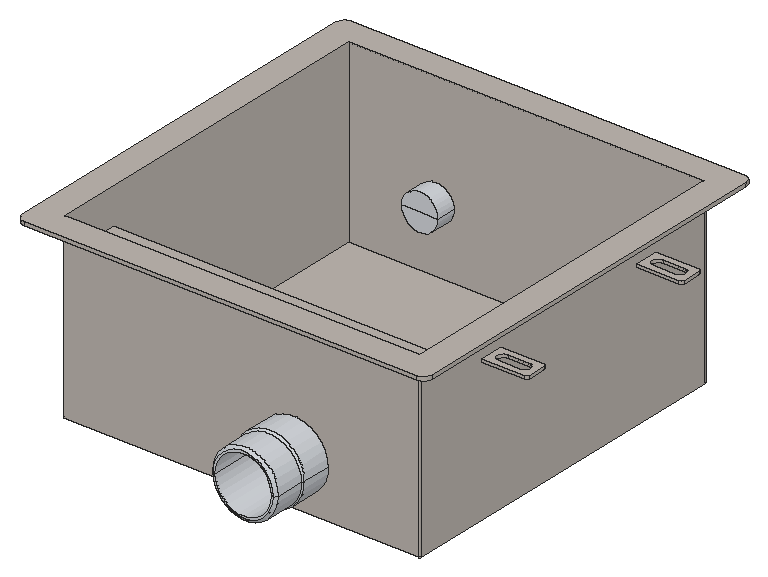
Revit family "MI-DIAL-2-LD", category Pipe Accessories, host Face, Revit 2018
Family settings
  Host = Face
  Round Connector Dimension = Use Diameter
  Part Type = Normal
  Cut with Voids When Loaded = No
  Shared = No
Parameters
  URL = "www.mifab.com"
  Model = "MI-DIAL-2-LD"
  Manufacturer = "MIFAB"
  Description = "STAINLESS STEEL SUPPLY & WASTE DIALYSIS BOX WITH TWO VALVES (NO DOOR)"
  Default Elevation = 4' - 0"
Reference planes (in)
  plane 1 "Center (Front/Back)": y = 0
  plane 2: z = 0
  plane 3 "Center (Left/Right)": x = 0
  plane 4: x = -6.875
  plane 5: x = 6.875
  plane 6: y = 6.875
  plane 7: y = -6.875
  plane 8: x = -6
  plane 9: x = 6
  plane 10: y = 6
  plane 11: y = -6
  plane 12: z = 0.03906
  plane 13: x = 0.76141
  plane 14: x = 2.35719
  plane 15: y = 0.09416
  plane 16: y = -0.09416
  plane 17: y = -4.37545
  plane 18: y = 4.3125
  plane 19: x = 1.5601
  plane 20: y = 6.625
  plane 21: y = -3.96094
Forms (in)
  Extrusion 1, solid, material "Box Material"
    sketch origin (0, 0, -4.791) x (1, 0, 0) y (0, 1, 0)
      loop
        arc (-6.875, -6.57732) -> (-6.78781, -6.78781) -> (-6.57732, -6.875) r 0.29768
        line (-6.57732, -6.875) -> (6.57813, -6.875)
        arc (6.57813, -6.875) -> (6.78805, -6.78805) -> (6.875, -6.57813) r 0.29688
        line (6.875, -6.57813) -> (6.875, 6.56627)
        arc (6.875, 6.56627) -> (6.78458, 6.78458) -> (6.56627, 6.875) r 0.30873
        line (6.56627, 6.875) -> (-6.56627, 6.875)
        arc (-6.56627, 6.875) -> (-6.78458, 6.78458) -> (-6.875, 6.56627) r 0.30873
        line (-6.875, 6.56627) -> (-6.875, -6.57732)
      loop
        arc (-5.94945, 6) -> (-5.98519, 5.98519) -> (-6, 5.94945) r 0.05055
        line (-6, 5.94945) -> (-6, -5.94922)
        arc (-6, -5.94922) -> (-5.98513, -5.98513) -> (-5.94922, -6) r 0.05078
        line (-5.94922, -6) -> (5.94922, -6)
        arc (5.94922, -6) -> (5.98513, -5.98513) -> (6, -5.94922) r 0.05078
        line (6, -5.94922) -> (6, 5.94922)
        arc (6, 5.94922) -> (5.98513, 5.98513) -> (5.94922, 6) r 0.05078
        line (5.94922, 6) -> (-5.94945, 6)
    from 5.95175 to 6.0625
  Extrusion 2, solid, material "Box Material"
    sketch origin (0, 0, -4.791) x (1, 0, 0) y (0, 1, 0)
      loop
        arc (6, 5.94922) -> (5.98513, 5.98513) -> (5.94922, 6) r 0.05078
        line (5.94922, 6) -> (-5.94945, 6)
        arc (-5.94945, 6) -> (-5.98519, 5.98519) -> (-6, 5.94945) r 0.05055
        line (-6, 5.94945) -> (-6, -5.94922)
        arc (-6, -5.94922) -> (-5.98513, -5.98513) -> (-5.94922, -6) r 0.05078
        line (-5.94922, -6) -> (5.94922, -6)
        arc (5.94922, -6) -> (5.98513, -5.98513) -> (6, -5.94922) r 0.05078
        line (6, -5.94922) -> (6, 5.94922)
      loop
        line (-5.96094, 5.96156) -> (-5.96094, -5.96094) -> (5.96094, -5.96094) -> (5.96094, 5.96156) -> (-5.96094, 5.96156)
    from 0.03906 to 6.0625
  Extrusion 3, solid, material "Box Material"
    sketch origin (0, 0, -4.791) x (1, 0, 0) y (0, 1, 0)
      loop
        line (-6, 5.94945) -> (-6, -5.94922)
        arc (-6, -5.94922) -> (-5.98513, -5.98513) -> (-5.94922, -6) r 0.05078
        line (-5.94922, -6) -> (5.94922, -6)
        arc (5.94922, -6) -> (5.98513, -5.98513) -> (6, -5.94922) r 0.05078
        line (6, -5.94922) -> (6, 5.94922)
        arc (6, 5.94922) -> (5.98513, 5.98513) -> (5.94922, 6) r 0.05078
        line (5.94922, 6) -> (-5.94945, 6)
        arc (-5.94945, 6) -> (-5.98519, 5.98519) -> (-6, 5.94945) r 0.05055
    from 0 to 0.03906
  Extrusion 4, solid, material "Box Material"
    sketch origin (0, 0, -4.791) x (1, 0, 0) y (0, 1, 0)
      loop
        line (6, 3.84196) -> (6, 3.03435) -> (7.46993, 3.03435)
        arc (7.46993, 3.03435) -> (7.53919, 3.06304) -> (7.56788, 3.1323) r 0.09795
        line (7.56788, 3.1323) -> (7.56788, 3.7443)
        arc (7.56788, 3.7443) -> (7.53928, 3.81335) -> (7.47022, 3.84196) r 0.09766
        line (7.47022, 3.84196) -> (6, 3.84196)
      loop
        arc (7.17644, 3.24703) -> (7.36771, 3.4383) -> (7.17644, 3.62957) r 0.19127
        line (7.17644, 3.62957) -> (6.43294, 3.62957)
        arc (6.43294, 3.62957) -> (6.24167, 3.4383) -> (6.43294, 3.24703) r 0.19127
        line (6.43294, 3.24703) -> (7.17644, 3.24703)
      loop
        line (-6, 3.84196) -> (-7.47022, 3.84196)
        arc (-7.47022, 3.84196) -> (-7.53928, 3.81335) -> (-7.56788, 3.7443) r 0.09766
        line (-7.56788, 3.7443) -> (-7.56788, 3.1323)
        arc (-7.56788, 3.1323) -> (-7.53919, 3.06304) -> (-7.46993, 3.03435) r 0.09795
        line (-7.46993, 3.03435) -> (-6, 3.03435) -> (-6, 3.84196)
      loop
        line (-7.17644, 3.24703) -> (-6.43294, 3.24703)
        arc (-6.43294, 3.24703) -> (-6.24167, 3.4383) -> (-6.43294, 3.62957) r 0.19127
        line (-6.43294, 3.62957) -> (-7.17644, 3.62957)
        arc (-7.17644, 3.62957) -> (-7.36771, 3.4383) -> (-7.17644, 3.24703) r 0.19127
      loop
        line (6, -2.65804) -> (6, -3.46565) -> (7.46993, -3.46565)
        arc (7.46993, -3.46565) -> (7.53919, -3.43696) -> (7.56788, -3.3677) r 0.09795
        line (7.56788, -3.3677) -> (7.56788, -2.7557)
        arc (7.56788, -2.7557) -> (7.53928, -2.68665) -> (7.47022, -2.65804) r 0.09766
        line (7.47022, -2.65804) -> (6, -2.65804)
      loop
        arc (7.17644, -3.25297) -> (7.36771, -3.0617) -> (7.17644, -2.87043) r 0.19127
        line (7.17644, -2.87043) -> (6.43294, -2.87043)
        arc (6.43294, -2.87043) -> (6.24167, -3.0617) -> (6.43294, -3.25297) r 0.19127
        line (6.43294, -3.25297) -> (7.17644, -3.25297)
      loop
        line (-6, -2.65804) -> (-7.47022, -2.65804)
        arc (-7.47022, -2.65804) -> (-7.53928, -2.68665) -> (-7.56788, -2.7557) r 0.09766
        line (-7.56788, -2.7557) -> (-7.56788, -3.3677)
        arc (-7.56788, -3.3677) -> (-7.53919, -3.43696) -> (-7.46993, -3.46565) r 0.09795
        line (-7.46993, -3.46565) -> (-6, -3.46565) -> (-6, -2.65804)
      loop
        line (-7.17644, -3.25297) -> (-6.43294, -3.25297)
        arc (-6.43294, -3.25297) -> (-6.24167, -3.0617) -> (-6.43294, -2.87043) r 0.19127
        line (-6.43294, -2.87043) -> (-7.17644, -2.87043)
        arc (-7.17644, -2.87043) -> (-7.36771, -3.0617) -> (-7.17644, -3.25297) r 0.19127
    from 4.791 to 4.875
  Revolve 5, solid
    sketch origin (-17.5625, 0, -2.541) x (1, 0, 0) y (0, 1, 0)
      loop
        line (15.125, 6.625) -> (14.5138, 6.625) -> (14.5138, 5.30674) -> (15.125, 5.30674) -> (15.125, 6.625)
      axis (14.5138, 5.30674) -> (14.5138, 6.625)
    angle from 0 to 360
  Extrusion 6, solid, material "Box Material"
    sketch origin (0, 0, -4.791) x (1, 0, 0) y (0, 1, 0)
      loop
        line (5.96094, -3.96094) -> (-5.96094, -3.96094) -> (-5.96094, -5.96094) -> (5.96094, -5.96094) -> (5.96094, -3.96094)
    from 4.791 to 4.875
  Extrusion 7, void
    sketch origin (5.94922, 6, -4.791) x (1, 0, 0) y (0, 0, 1)
      loop
        circle (-8.99792, 2.25) r 0.6112
      loop
        circle (-2.98229, 2.25) r 0.6112
    from 0 to 0.03844
  Revolve 8, solid
    sketch origin (-11.54688, 0, -2.541) x (1, 0, 0) y (0, 1, 0)
      loop
        line (15.125, 6.625) -> (14.5138, 6.625) -> (14.5138, 5.30674) -> (15.125, 5.30674) -> (15.125, 6.625)
      axis (14.5138, 5.30674) -> (14.5138, 6.625)
    angle from 0 to 360
  Extrusion 9, void
    sketch origin (0, 0, 0) x (1, 0, 0) y (0, 1, 0)
      loop
        arc (-5.94945, 6) -> (-5.98519, 5.98519) -> (-6, 5.94945) r 0.05055
        line (-6, 5.94945) -> (-6, -5.94922)
        arc (-6, -5.94922) -> (-5.98513, -5.98513) -> (-5.94922, -6) r 0.05078
        line (-5.94922, -6) -> (5.94922, -6)
        arc (5.94922, -6) -> (5.98513, -5.98513) -> (6, -5.94922) r 0.05078
        line (6, -5.94922) -> (6, 5.94922)
        arc (6, 5.94922) -> (5.98513, 5.98513) -> (5.94922, 6) r 0.05078
        line (5.94922, 6) -> (-5.94945, 6)
    from -4.791 to 0
Cuts and joins
  Extrusion 7 cuts Extrusion 2
  joined: Extrusion 1, Extrusion 2, Extrusion 3
  Extrusion 7 cuts Revolve 5
  Extrusion 7 cuts Revolve 8
  Extrusion 9 cuts Extrusion 4
Dimensions and locks (in)
  equal spacing: plane 4, plane 3 "Center (Left/Right)", plane 5
  plane 4 to plane 5 = 1' - 1 3/4"
  equal spacing: plane 7, plane 1 "Center (Front/Back)", plane 6
  locked: plane 7 to plane 6 at 13.75
  equal spacing: plane 8, plane 3 "Center (Left/Right)", plane 9
  plane 8 to plane 9 = 1' - 0"
  equal spacing: plane 10, plane 1 "Center (Front/Back)", plane 11
  plane 10 to plane 11 = 1' - 0"
  locked: plane 12 to plane 2 at 0.03906
  locked: plane 10 to plane 20 at 0.625
  nested 1 to plane 9 = 0' - 4 1/4"
  cut or joined group of Extrusion 1, Extrusion 2, Extrusion 3, Extrusion 7 to cut or joined group of Extrusion 1, Extrusion 2, Extrusion 3, Extrusion 7 = 0' - 6 1/16"
  aligned and locked: plane 2 to host face
  aligned and locked: level to host face
  aligned and locked: Extrusion 3 sketch curve to Extrusion 2  (x4)
  aligned and locked: Extrusion 7 sketch curve to Revolve 5  (x2)
  aligned and locked: Extrusion 7 to Extrusion 1
  aligned and locked: Extrusion 2 to Extrusion 7
  aligned and locked: Extrusion 7 sketch curve to Revolve 8  (x2)
  aligned and locked: Extrusion 9 sketch curve to cut or joined group of Extrusion 1, Extrusion 2, Extrusion 3, Extrusion 7  (x4)
  aligned and locked: Extrusion 9 to cut or joined group of Extrusion 1, Extrusion 2, Extrusion 3, Extrusion 7
  aligned and locked: level to Extrusion 9
Automatic sketch dimensions
  host sketch curve to host sketch curve = 8' - 0"  (x2)
  Extrusion 2 sketch curve to Extrusion 2 sketch curve = 0' - 0.01149"
  Extrusion 2 sketch curve to Extrusion 2 sketch curve = 0' - 0 3/256"  (x4)
  Extrusion 2 sketch curve to Extrusion 2 sketch curve = 0' - 0.01234"
  Extrusion 4 sketch curve to Extrusion 4 sketch curve = 0' - 0.29349"  (x4)
  Extrusion 4 sketch curve to Extrusion 4 sketch curve = 0' - 0.29379"  (x4)
  Extrusion 4 sketch curve to Extrusion 4 sketch curve = 0' - 0.09795"  (x3)
  Extrusion 4 sketch curve to Extrusion 4 sketch curve = 0' - 0 25/256"  (x2)
  Extrusion 4 sketch curve to Extrusion 4 sketch curve = 0' - 0.11473"  (x8)
  Extrusion 4 sketch curve to Extrusion 4 sketch curve = 0' - 0.19127"  (x4)
  Extrusion 4 sketch curve to Extrusion 4 sketch curve = 0' - 0"  (x10)
  Revolve 5 sketch curve to Revolve 5 sketch curve = 0' - 0.6112"
  Revolve 5 sketch curve to Revolve 5 sketch curve = 0' - 0"  (x2)
  Revolve 8 sketch curve to Revolve 8 sketch curve = 0' - 0.6112"
  Revolve 8 sketch curve to Revolve 8 sketch curve = 0' - 0"  (x2)
  Extrusion 1 sketch curve to Extrusion 1 sketch curve = 0' - 0.56627"  (x2)
  Extrusion 1 sketch curve to Extrusion 1 sketch curve = 0' - 0.6281"
  Extrusion 1 sketch curve to Extrusion 1 sketch curve = 0' - 0.30873"  (x2)
  Extrusion 1 sketch curve to Extrusion 1 sketch curve = 0' - 0 161/256"
  Extrusion 1 sketch curve to Extrusion 1 sketch curve = 0' - 0.57732"
  Extrusion 1 sketch curve to Extrusion 1 sketch curve = 0' - 0.61705"
  Extrusion 2 sketch curve to Extrusion 2 sketch curve = 0' - 0 5/128"  (x2)
  Extrusion 2 sketch curve to Extrusion 2 sketch curve = 0' - 11.89866"
  Extrusion 2 sketch curve to Extrusion 2 sketch curve = 0' - 11 115/128"
  Extrusion 4 sketch curve to Extrusion 4 sketch curve = 0' - 0.7435"  (x4)
  Extrusion 4 sketch curve to Extrusion 4 sketch curve = 0' - 0.43294"  (x4)
  Extrusion 4 sketch curve to Extrusion 4 sketch curve = 1' - 0"
  Extrusion 4 sketch curve to Extrusion 4 sketch curve = 0' - 5.6924"  (x2)
  Revolve 5 sketch curve to Revolve 5 sketch curve = 0' - 1.31826"
  Revolve 5 sketch curve to Revolve 5 sketch curve = 0' - 0.26185"
  Extrusion 6 sketch curve to Extrusion 6 sketch curve = 0' - 11 59/64"
  Extrusion 6 sketch curve to Extrusion 6 sketch curve = 0' - 2"
  Revolve 8 sketch curve to Revolve 8 sketch curve = 0' - 1.31826"
  Revolve 8 sketch curve to Revolve 8 sketch curve = 0' - 0.26185"
  Extrusion 1 sketch curve to plane 4 = 0' - 0"
  plane 7 to Extrusion 1 sketch curve = 0' - 0"
  plane 10 to Extrusion 1 sketch curve = 0' - 0"
  Extrusion 1 sketch curve to plane 11 = 0' - 0"
  Extrusion 1 sketch curve to plane 9 = 0' - 0"
  Extrusion 1 sketch curve to plane 6 = 0' - 0"
  plane 8 to Extrusion 1 sketch curve = 0' - 0.05055"
  Extrusion 1 sketch curve to Extrusion 1 sketch curve = 0' - 0 13/256"
  Extrusion 2 sketch curve to plane 8 = 0' - 0"
  plane 11 to Extrusion 2 sketch curve = 0' - 0"
  Extrusion 4 sketch curve to plane 8 = 0' - 0"
  plane 21 to Extrusion 4 sketch curve = 0' - 0.49529"
  plane 20 to Revolve 5 sketch curve = 0' - 0"
  plane 8 to Revolve 5 sketch curve = 0' - 2.9513"
  Extrusion 6 sketch curve to plane 21 = 0' - 0"
  plane 8 to Extrusion 6 sketch curve = 0' - 0 5/128"
  plane 20 to Revolve 8 sketch curve = 0' - 0"
  Revolve 8 sketch curve to plane 14 = 0' - 0.60974"
Nested families (in)
  nested 1: "Bottom Con1" at (1.75, -6, -3.166) x (-1, 0, 0) z (0, -1, 0), type "Bottom Con1"
Connectors (in)
  piping at (2.96693, 6.625, -2.541), diameter 0.5
    settings: on cut or joined group of Extrusion 7, Revolve 8, index 1, connector inside diameter 609.6 mm, connector length 0' - 0", flow factor 0, pipe flow 0.0 L/s, pressure drop 0.0 Pa, fitting loss kfactor 0, connector angle 0.00°, fixture units 0, engagement length 0' - 0", angle of deflection 0.00°, flow configuration 0, flow direction 1, fitting loss method 0, system type 7, joint type 0, gender type 0, connector reference index -1, connector utility 0, adjustable connector no, is connector primary yes, connector description ""
  piping at (-3.0487, 6.625, -2.541), diameter 0.5
    settings: on cut or joined group of Revolve 5, Extrusion 7, index 2, connector inside diameter 609.6 mm, connector length 0' - 0", flow factor 0, pipe flow 0.0 L/s, pressure drop 0.0 Pa, fitting loss kfactor 0, connector angle 0.00°, fixture units 0, engagement length 0' - 0", angle of deflection 0.00°, flow configuration 0, flow direction 1, fitting loss method 0, system type 7, joint type 0, gender type 0, connector reference index -1, connector utility 0, adjustable connector no, is connector primary no, connector description ""
  piping at (1.75, -8.09791, -3.166), diameter 2
    settings: on nested 1, index 3, connector inside diameter 609.6 mm, connector length 0' - 0", flow factor 0, pipe flow 0.0 L/s, pressure drop 0.0 Pa, fitting loss kfactor 0, connector angle 0.00°, fixture units 0, engagement length 0' - 0", angle of deflection 0.00°, flow configuration 0, flow direction 2, fitting loss method 0, system type 16, joint type 0, gender type 0, connector reference index -1, connector utility 0, adjustable connector no, is connector primary no, connector description ""
Definition of nested family "Bottom Con1"
  Parameters (values of type "Bottom Con1")
    Default Elevation = 4' - 0"
  Reference planes (in)
    plane 1 "Center (Front/Back)": y = 0
    plane 2: z = 0
    plane 3 "Center (Left/Right)": x = 0
  Forms (in)
    Extrusion 1, solid
      sketch origin (0, 0, 0) x (1, 0, 0) y (0, 1, 0)
        loop
          line (-48, 48) -> (-48, -48) -> (48, -48) -> (48, 48) -> (-48, 48)
      from 0 to -12
    Revolve 2, solid
      sketch origin (-17.8814, 0, 10.75134) x (1, 0, 0) y (0, 0, -1)
        loop
          line (18.82825, 10.75134) -> (18.82825, 8.65343) -> (18.8939, 8.65343) -> (18.98777, 8.74729) -> (18.98777, 9.68522) -> (19.03824, 9.75729) -> (19.03824, 10.75134) -> (18.82825, 10.75134)
        axis (17.8814, 8.65343) -> (17.8814, 10.75134)
      angle from 0 to 360
  Dimensions and locks (in)
    aligned and locked: plane 2 to Extrusion 1
    aligned and locked: level to Extrusion 1
